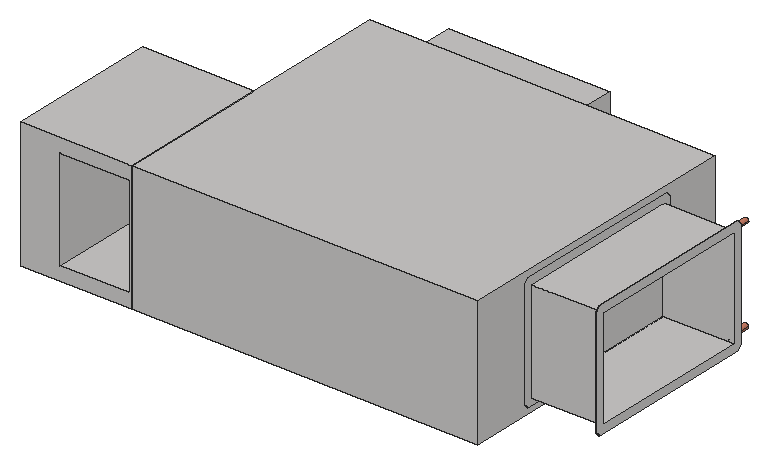
Revit family
Parameters
  Width = 3' - 1"
  Voltage = 277 V
  Unit Weight = if(and(Size Option = 1, Number of Rows = 1), "189.0 lbs", if(and(Size Option = 1, Number of Rows = 2), "192.0 lbs", if(and(Size Option = 2, Number of Rows = 1), "194.0 lbs", if(and(Size Option = 2, Number of Rows = 2), "197.0 lbs", "0"))))  # "194.0 lbs"
  UltraLoc Liner = Choose Liner Option = 3  # no
  URL = "http://www.titus-hvac.com/"
  UL = "181"
  Supply Air Flow [instance] = 0 CFM
  SteriLoc Liner = Choose Liner Option = 2  # no
  Size Option = 2
  Size C = Size Option = 2  # yes
  Size B = Size Option = 1  # no
  Secondary Material = Copper Connectors
  Primary Air Pressure Drop [instance] = 0.00 in-wg
  Primary Air Flow [instance] = 0 CFM
  Pressure [instance] = 0.00 psi
  Plenum Air Pressure Drop [instance] = 0.00 in-wg
  Plenum Air Flow [instance] = 0 CFM
  Outlet Width = 1' - 8 1/2"
  Outlet Height = 1' - 0 1/2"
  Number of Rows = 1
  Number of Poles = 1
  Nominal Width = Width + 0' 6 1/4"  # 3' - 7 1/4"
  Nominal Length = Length + 1' 1 7/8" + 0' 9"  # 5' - 5 7/8"
  Nominal Inlet Size = 0' - 10"
  Nominal Height = 1' - 4"
  NFPA = "90A"
  Motor Full Load Amps [instance] = 1.4 A
  Model = "DTFS-F"
  Min. Air Flow = 0 CFM
  Max. Air Flow = 1400 CFM
  Material = Galvanized Steel
  Manufacturer = "Titus"
  Length = 3' - 7"
  Juction Box Offset = 0' - 4 7/8"
  Inlet Diameter = Nominal Inlet Size - 0' 0 1/8"  # 0' - 9 7/8"
  Induced Air Inlet Width = 1' - 1 7/8"
  Induced Air Inlet Offset = (Height - Induced Air Inlet Connection Height) / 2  # 0' - 1 11/16"
  Induced Air Inlet Height = 1' - 7"
  Induced Air Inlet Connection Width = 0' - 8 3/4"
  Induced Air Inlet Connection Height = 1' - 0 5/8"
  Induced Air Filter = no
  Height = 1' - 4"
  Heating Total Capacity [instance] = 0 Btu/h
  Heating Entering Water Temp = 0 °F
  Half Outlet Connection Width = Outlet Width / 2  # 0' - 10 1/4"
  Half Outlet Connection Height = Outlet Height / 2  # 0' - 6 1/4"
  Half Height Start = -(Height / 2)  # -0' - 8"
  Half Height End = Height / 2  # 0' - 8"
  HWC Option = HWC Section : B-C - 1 Row
  HWC Connector Radius = 5/16"
  HP-Motor = "1/4"
  Gallons Per Minute [instance] = 0 GPM
  Frequency = 60 Hz
  Flange Offset = 0' - 1"
  Filter Size = "11\"x14\""
  Fiber Free Liner = Choose Liner Option = 1  # no
  Fan Disconnect Switch = no
  Duct Radius = Nominal Inlet Size / 2  # 0' - 5"
  Description = "Ultra Quiet Series Fan Powered Terminal Unit, Direct Digital Control, Pressure Independent"
  Connector Vertical Offset = 0' - 11 3/4"
  HWC Connector Length = 0' - 3"
  Connector Horizontal Offset = if(Number of Rows = 1, 0' 0", if(Number of Rows = 2, 0' 1", 0' 0"))  # 0' - 0"
  Connection Void Radius = Connection Radius - 0' 0 1/4"  # 0' - 4 11/16"
  Connection Radius = Inlet Diameter / 2  # 0' - 4 15/16"
  Choose Liner Option = 0
  CADworks URL = "www.CADworks.net"
  Assembly Code = "D3040100"
  Apparent Power [instance] = Voltage * Motor Full Load Amps  # 387.8 VA
  Air Inlet Offset = 0' - 7"
  1/2" Fiberglass Liner = Choose Liner Option = 0  # yes
  1" Fiberglass Liner = Choose Liner Option = 4  # no
Reference planes (in)
  plane 1 "Center (Front/Back)": y = 0
  plane 2: z = 0
  plane 3 "Center (Left/Right)": x = 3
  plane 4: x = -18.5
  plane 5: x = 24.5
  plane 6: x = -13.625
  plane 7: x = -21.875
  plane 8: z = 0
  plane 9: y = -18.5
  plane 10: y = 18.5
  plane 11: y = 11.5
  plane 12: z = 0
  plane 13: x = 33.5
  plane 14: x = 32.5
  plane 15: y = 13.25
  plane 16: y = 10.25
  plane 17: z = 5.875
  plane 18: z = -5.875
  plane 19: x = 32.5
  plane 20: y = 24.75
  plane 21: x = -32.375
  plane 22: z = 8
  plane 23: z = -8
Forms (in)
  Extrusion 1, solid, material "Galvanized Steel" <- "Material"
    sketch origin (0, 0, 0) x (1, 0, 0) y (0, 1, 0)
      loop
        line (-18.5, 18.5) -> (-18.5, -18.5) -> (24.5, -18.5) -> (24.5, 18.5) -> (-18.5, 18.5)
    from -8 <- "Half Height Start" to 8 <- "Half Height End"
  Extrusion 2, solid, material "Galvanized Steel" <- "Material"
    sketch origin (0, 0, 0) x (1, 0, 0) y (0, 1, 0)
      loop
        line (-32.375, 0.5) -> (-32.375, -18.5) -> (-18.5, -18.5) -> (-18.5, 0.5) -> (-32.375, 0.5)
    from -8 <- "Half Height Start" to 8 <- "Half Height End"
  Extrusion 3, void
    sketch origin (0, -18.5, 0) x (1, 0, 0) y (0, 0, -1)
      loop
        line (-18.75, 6.3125) -> (-27.5, 6.3125) -> (-27.5, -6.3125) -> (-18.75, -6.3125) -> (-18.75, 6.3125)
    from 0 to 16
  Extrusion 4, solid, material "Galvanized Steel" <- "Material"
    sketch origin (5, 0, 30) x (1, 0, 0) y (0, 1, 0)
      loop
        line (-18.625, 18.5) -> (1.375, 18.5) -> (1.375, 24.75) -> (-18.625, 24.75) -> (-18.625, 18.5)
    from -36 to -24
  Extrusion 5, solid, material "Galvanized Steel" <- "Material"
    sketch origin (-24.875, -2, 0) x (0, 0, -1) y (0, 1, 0)
      loop
        circle (0, 13.5) r 4.9375
    from 3 to 6.375
  Extrusion 6, void
    sketch origin (-24.875, 0, 0) x (0, 1, 0) y (0, 0, 1)
      loop
        circle (11.5, 0) r 4.6875
    from 3 to 11.25
  Extrusion 7, void, detail levels fine
    sketch origin (33.5, -10.25, 6.25) x (0, 0, 1) y (0, -1, 0)
      loop
        line (-12.5, 0) -> (-12.5, -20.5) -> (0, -20.5) -> (0, 0) -> (-12.5, 0)
    from -0.0625 to 0
  Extrusion 8, solid, material "Copper Connectors" <- "Secondary Material", detail levels fine
    sketch origin (0, 0, 0) x (1, 0, 0) y (0, 0, 1)
      loop
        circle (32.5, 5.875) r 0.3125
    from -13.25 to -10.3125
  Extrusion 9, solid, material "Copper Connectors" <- "Secondary Material", detail levels fine
    sketch origin (0, 0, 0) x (1, 0, 0) y (0, 0, 1)
      loop
        circle (32.5, -5.875) r 0.3125
    from -13.25 to -10.3125
Cuts and joins
  Extrusion 3 cuts Extrusion 2
  Extrusion 6 cuts Extrusion 1
  Extrusion 6 cuts Extrusion 5
Dimensions and locks (in)
  "Length": plane 5 to plane 4
  equal spacing: plane 5, plane 3 "Center (Left/Right)", plane 4
  locked: Extrusion 4 to plane 6 at 0
  locked: Extrusion 4 to Extrusion 4 at 20
  "Juction Box Offset": plane 6 to plane 4
  locked: plane 4 to plane 7 at 3.375
  "Width": plane 9 to plane 10
  equal spacing: plane 9, plane 1 "Center (Front/Back)", plane 10
  locked: Extrusion 5 sketch curve to level at 0
  locked: Extrusion 5 sketch curve to plane 11 at 0
  locked: Extrusion 6 sketch curve to level at 0
  locked: Extrusion 6 sketch curve to plane 11 at 0
  locked: Extrusion 4 to Extrusion 4 at 6.25
  locked: Extrusion 4 to Extrusion 4 at 12
  equal spacing: Extrusion 4, plane 8, Extrusion 4
  "Air Inlet Offset": plane 10 to plane 11
  "Induced Air Inlet Height": cut or joined group of Extrusion 2, Extrusion 3 to cut or joined group of Extrusion 2, Extrusion 3
  locked: cut or joined group of Extrusion 5, Extrusion 6 to cut or joined group of Extrusion 5, Extrusion 6 at 3.375
  "Induced Air Inlet Connection Height": Extrusion 3 sketch curve to Extrusion 3 sketch curve
  "Induced Air Inlet Offset": Extrusion 3 sketch curve to cut or joined group of Extrusion 2, Extrusion 3
  "Induced Air Inlet Connection Width": Extrusion 3 sketch curve to Extrusion 3 sketch curve
  locked: Extrusion 3 sketch curve to cut or joined group of Extrusion 1, Extrusion 6 at 0.25
  locked: plane 5 to plane 13 at 9
  locked: plane 14 to plane 13 at 1
  locked: plane 17 to plane 18 at 11.75
  equal spacing: plane 17, plane 12, plane 18
  "Connector Horizontal Offset": plane 19 to plane 14
  "HWC Connector Length": plane 16 to plane 15
  locked: cut or joined group of Extrusion 2, Extrusion 3 to cut or joined group of Extrusion 2, Extrusion 3 at 16
  equal spacing: cut or joined group of Extrusion 2, Extrusion 3, plane 12, cut or joined group of Extrusion 2, Extrusion 3
  locked: cut or joined group of Extrusion 1, Extrusion 6 to cut or joined group of Extrusion 2, Extrusion 3 at 16
  equal spacing: cut or joined group of Extrusion 1, Extrusion 6, plane 12, cut or joined group of Extrusion 1, Extrusion 6
  locked: cut or joined group of Extrusion 2, Extrusion 3 to cut or joined group of Extrusion 2, Extrusion 3 at 13.875
  locked: nested 1 to cut or joined group of Extrusion 1, Extrusion 6 at 1.6875
  locked: cut or joined group of Extrusion 1, Extrusion 6 to nested 1 at 1.6875
  "Connection Radius": radius of Extrusion 5 sketch curve
  "Connection Void Radius": radius of Extrusion 6 sketch curve
  "HWC Connector Radius": radius of Extrusion 8 sketch curve
  "HWC Connector Radius": radius of Extrusion 9 sketch curve
  aligned and locked: plane 10 to Extrusion 4
  aligned and locked: plane 7 to cut or joined group of Extrusion 5, Extrusion 6
  aligned and locked: plane 9 to cut or joined group of Extrusion 2, Extrusion 3  (x3)
  aligned and locked: nested 1 to Extrusion 8
  aligned and locked: plane 15 to Extrusion 8
  aligned and locked: nested 1 to Extrusion 9
  aligned and locked: plane 15 to Extrusion 9
  aligned and locked: plane 5 to cut or joined group of Extrusion 1, Extrusion 6
  aligned and locked: cut or joined group of Extrusion 1, Extrusion 6 to plane 10
  aligned and locked: plane 9 to cut or joined group of Extrusion 1, Extrusion 6
  aligned and locked: cut or joined group of Extrusion 1, Extrusion 6 to plane 4
  aligned and locked: cut or joined group of Extrusion 1, Extrusion 6 to nested 1
  aligned and locked: cut or joined group of Extrusion 5, Extrusion 6 to cut or joined group of Extrusion 1, Extrusion 6
  aligned and locked: cut or joined group of Extrusion 2, Extrusion 3 to cut or joined group of Extrusion 1, Extrusion 6
  aligned and locked: plane 6 to Extrusion 6
  aligned and locked: Extrusion 6 to plane 7
  aligned and locked: plane 22 to cut or joined group of Extrusion 2, Extrusion 3
  aligned and locked: plane 22 to cut or joined group of Extrusion 1, Extrusion 6
  aligned and locked: plane 23 to cut or joined group of Extrusion 2, Extrusion 3
  aligned and locked: plane 23 to cut or joined group of Extrusion 1, Extrusion 6
  aligned and locked: plane 20 to Extrusion 4
  aligned and locked: plane 21 to cut or joined group of Extrusion 2, Extrusion 3
  aligned and locked: plane 13 to nested 1
Automatic sketch dimensions
  Extrusion 1 sketch curve to plane 4 = 0' - 0"
  Extrusion 1 sketch curve to plane 5 = 0' - 0"
  Extrusion 1 sketch curve to plane 9 = 0' - 0"
  Extrusion 1 sketch curve to plane 10 = 0' - 0"
  Extrusion 2 sketch curve to plane 4 = 0' - 0"
  Extrusion 2 sketch curve to plane 9 = 0' - 0"
  Extrusion 2 sketch curve to plane 1 "Center (Front/Back)" = 0' - 0 1/2"
  Extrusion 4 sketch curve to plane 6 = 0' - 0"
  Extrusion 4 sketch curve to plane 10 = 0' - 0"
  plane 3 "Center (Left/Right)" to Extrusion 4 sketch curve = 0' - 3 3/8"
  Extrusion 4 sketch curve to plane 10 = 0' - 6 1/4"
  Extrusion 2 sketch curve to plane 7 = 0' - 10 1/2"
  Extrusion 7 sketch curve to nested 1 = 0' - 0"  (x4)
  Extrusion 8 sketch curve to plane 17 = 0' - 0"
  Extrusion 8 sketch curve to plane 19 = 0' - 0"
  Extrusion 9 sketch curve to plane 14 = 0' - 0"
  Extrusion 9 sketch curve to plane 18 = 0' - 0"
Nested families (in)
  nested 1: "HWC Section" at (29, 0, 0) x (0, 1, 0) z (0, 0, 1), type <- "HWC Option", type "B-C - 1 Row"
Connectors (in)
  electrical at (-3.625, 24.75, 0), driven by "Apparent Power", driven by "Voltage", driven by "Number of Poles"
    settings: on Extrusion 4, index 8
  hvac at (-21.875, 11.5, 0), driven by "Duct Radius", driven by "Primary Air Pressure Drop", driven by "Primary Air Flow"
    settings: on cut or joined group of Extrusion 5, Extrusion 6, index 9
  hvac at (-23.125, -18.5, 0), driven by "Induced Air Inlet Connection Height", driven by "Induced Air Inlet Connection Width", driven by "Plenum Air Pressure Drop", driven by "Plenum Air Flow"
    settings: on cut or joined group of Extrusion 2, Extrusion 3, index 10
  hvac at (33.5, 0, 0), driven by "Outlet Height", driven by "Outlet Width", driven by "Supply Air Flow"
    settings: on Extrusion 7, index 11
  piping at (32.5, 13.25, 5.875), driven by "Gallons Per Minute", driven by "Pressure", driven by "HWC Connector Radius"
    settings: on Extrusion 8, index 12
  piping at (32.5, 13.25, -5.875), driven by "Gallons Per Minute", driven by "HWC Connector Radius", driven by "Pressure"
    settings: on Extrusion 9, index 13
Definition of nested family "HWC Section"
  Parameters (values of type "B-C - 1 Row")
    Visibility = yes
    Secondary Material = Copper Connectors
    Number of Rows = 1
    Material = Galvanized Steel
    Half Width = HWC Width / 2  # 0' - 10 1/4"
    Half Length-Start = -(HWC Length / 2)  # -0' - 4 1/2"
    Half Length-End = HWC Length / 2  # 0' - 4 1/2"
    HWC Connection Radius = 5/16"
    Flange Offset = 0' - 1"
    Duct Vertical Offset = HWC Height - 0' 0 1/2"  # 1' - 0"
    Duct Horizontal Offset = HWC Width - 0' 0 1/2"  # 1' - 8"
    Connector Vertical Offset = 0' - 11 3/4"
    HWC Width = 1' - 8 1/2"
    HWC Height = 1' - 0 1/2"
    HWC Length = 0' - 9"  # constant formula
    Gallons Per Minute = 0 GPM
    Connector Length = 0' - 3"
    Connector Horizontal Offset = 0' - 0"
  Types (5): name | Number of Rows | Half Width | Flange Offset | Duct Vertical Offset | Duct Horizontal Offset | Connector Vertical Offset | HWC Width | HWC Height | Connector Horizontal Offset
    (no name) | 1 | 0' - 10 1/4" | 0' - 1" | 1' - 0" | 1' - 8" | 0' - 11 3/4" | 1' - 8 1/2" | 1' - 0 1/2" | 0' - 0"
    B-C - 1 Row | 1 | 0' - 10 1/4" | 0' - 1" | 1' - 0" | 1' - 8" | 0' - 11 3/4" | 1' - 8 1/2" | 1' - 0 1/2" | 0' - 0"
    B-C - 2 Row | 2 | 0' - 10 1/4" | 0' - 1" | 1' - 0" | 1' - 8" | 0' - 11 3/4" | 1' - 8 1/2" | 1' - 0 1/2" | 0' - 1"
    D-E - 1 Row | 1 | 1' - 0 1/2" | 0' - 1 1/4" | 1' - 5" | 2' - 0 1/2" | 1' - 4 1/4" | 2' - 1" | 1' - 5 1/2" | 0' - 0"
    D-E - 2 Row | 2 | 1' - 0 1/2" | 0' - 1 1/4" | 1' - 5" | 2' - 0 1/2" | 1' - 4 3/4" | 2' - 1" | 1' - 5 1/2" | 0' - 1"
  Reference planes (in)
    plane 1 "Center (Front/Back)": y = 0
    plane 2: z = 0
    plane 3 "Center (Left/Right)": x = 0
    plane 4: x = -10.25
    plane 5: x = 10.25
    plane 6: y = 4.5
    plane 7: y = -4.5
    plane 8: z = 6.25
    plane 9: z = -6.25
    plane 10: z = 5.875
    plane 11: z = -5.875
    plane 12: y = 3.5
    plane 13: y = 3.5
    plane 14: x = 13.25
  Forms (in)
    Extrusion 1, solid, material "Galvanized Steel" <- "Material", visible <- "Visibility"
      sketch origin (0, 0, 0) x (1, 0, 0) y (0, 0, 1)
        loop
          line (-10.3125, 6.3125) -> (-10.3125, -6.3125) -> (10.3125, -6.3125) -> (10.3125, 6.3125) -> (-10.3125, 6.3125)
      from -4.375 <- "Half Length-Start" to 4.5 <- "Half Length-End"
    Extrusion 2, void, detail levels fine
      sketch origin (0, 0, 0) x (1, 0, 0) y (0, 0, 1)
        loop
          line (-10.25, -6.25) -> (10.25, -6.25) -> (10.25, 6.25) -> (-10.25, 6.25) -> (-10.25, -6.25)
      from -4.5 <- "Half Length-Start" to 4.5 <- "Half Length-End"
    Extrusion 3, solid, material "Copper Connectors" <- "Secondary Material", visible <- "Visibility"
      sketch origin (6, 2.625, 0) x (0, 1, 0) y (0, 0, 1)
        loop
          circle (0.875, -5.875) r 0.3125
      from 4.3125 to 7.25
    Extrusion 4, solid, material "Galvanized Steel" <- "Material", visible <- "Visibility"
      sketch origin (0, -4.375, 0) x (1, 0, 0) y (0, 0, 1)
        loop
          line (-10.25, 6.25) -> (-10.25, -6.25) -> (10.25, -6.25) -> (10.25, 6.25) -> (-10.25, 6.25)
        loop
          line (-11.25, 6.75) -> (-11.25, -6.75) -> (-10.75, -7.25) -> (10.75, -7.25) -> (11.25, -6.75) -> (11.25, 6.75) -> (10.75, 7.25) -> (-10.75, 7.25) -> (-11.25, 6.75)
      from 0 to 0.125
    Extrusion 5, solid, material "Copper Connectors" <- "Secondary Material", visible <- "Visibility"
      sketch origin (6, -0.5, 0) x (0, 1, 0) y (0, 0, 1)
        loop
          circle (4, 5.875) r 0.3125
      from 4.3125 to 7.25
    Extrusion 6, solid, material "Galvanized Steel" <- "Material", visible <- "Visibility"
      sketch origin (0, 4.375, 0) x (1, 0, 0) y (0, 0, -1)
        loop
          line (-10.25, -6.25) -> (10.25, -6.25) -> (10.25, 6.25) -> (-10.25, 6.25) -> (-10.25, -6.25)
        loop
          line (-11.25, -6.75) -> (-10.75, -7.25) -> (10.75, -7.25) -> (11.25, -6.75) -> (11.25, 6.75) -> (10.75, 7.25) -> (-10.75, 7.25) -> (-11.25, 6.75) -> (-11.25, -6.75)
      from 0 to 0.125
  Cuts and joins
    Extrusion 2 cuts Extrusion 1
    joined: Extrusion 1, Extrusion 4, Extrusion 6
  Dimensions and locks (in)
    "HWC Width": plane 4 to plane 5
    equal spacing: plane 4, plane 3 "Center (Left/Right)", plane 5
    "HWC Height": plane 8 to plane 9
    equal spacing: plane 8, plane 2, plane 9
    equal spacing: plane 10, plane 2, plane 11
    locked: plane 12 to plane 6 at 1
    "Connector Horizontal Offset": plane 13 to plane 12
    locked: plane 7 to Extrusion 4 at 0.125
    locked: Extrusion 6 to plane 6 at 0.125
    locked: plane 4 to Extrusion 1 sketch curve at 0.0625
    locked: Extrusion 4 to Extrusion 1 sketch curve at 0.0625
    locked: Extrusion 1 sketch curve to plane 8 at 0.0625
    locked: plane 9 to Extrusion 1 sketch curve at 0.0625
    "Connector Length": plane 5 to plane 14
    "HWC Length": plane 6 to plane 7
    equal spacing: plane 6, plane 1 "Center (Front/Back)", plane 7
    "Connector Vertical Offset": plane 10 to plane 11
    equal spacing: plane 10, level, plane 11
    "HWC Width": Extrusion 4 sketch curve to Extrusion 4 sketch curve
    equal spacing: Extrusion 4 sketch curve, plane 3 "Center (Left/Right)", Extrusion 4 sketch curve
    "HWC Height": Extrusion 4 sketch curve to Extrusion 4 sketch curve
    equal spacing: Extrusion 4 sketch curve, plane 2, Extrusion 4 sketch curve
    "Flange Offset": cut or joined group of Extrusion 1, Extrusion 2, Extrusion 4, Extrusion 6 to plane 8
    "Flange Offset": plane 9 to cut or joined group of Extrusion 1, Extrusion 2, Extrusion 4, Extrusion 6
    locked: cut or joined group of Extrusion 1, Extrusion 2, Extrusion 4, Extrusion 6 to plane 4 at 1  (x2)
    locked: cut or joined group of Extrusion 1, Extrusion 2, Extrusion 4, Extrusion 6 to plane 5 at 1  (x2)
    "HWC Width": Extrusion 6 sketch curve to Extrusion 6 sketch curve
    "HWC Height": Extrusion 6 sketch curve to Extrusion 6 sketch curve
    equal spacing: Extrusion 6 sketch curve, plane 3 "Center (Left/Right)", Extrusion 6 sketch curve
    equal spacing: Extrusion 6 sketch curve, plane 2, Extrusion 6 sketch curve
    "HWC Height": Extrusion 2 sketch curve to Extrusion 2 sketch curve
    "HWC Width": Extrusion 2 sketch curve to Extrusion 2 sketch curve
    equal spacing: Extrusion 2 sketch curve, plane 3 "Center (Left/Right)", Extrusion 2 sketch curve
    equal spacing: Extrusion 2 sketch curve, plane 2, Extrusion 2 sketch curve
    locked: plane 5 to Extrusion 3 at 0.0625
    locked: plane 5 to Extrusion 5 at 0.0625
    "Flange Offset": Extrusion 6 sketch curve to plane 8  (x2)
    "Flange Offset": plane 9 to Extrusion 6 sketch curve  (x2)
    "HWC Connection Radius": radius of Extrusion 3 sketch curve
    "HWC Connection Radius": radius of Extrusion 5 sketch curve
    aligned and locked: plane 7 to Extrusion 4
    aligned and locked: plane 6 to Extrusion 6
    aligned and locked: plane 14 to Extrusion 5
    aligned and locked: plane 14 to Extrusion 3
    aligned and locked: Extrusion 6 to cut or joined group of Extrusion 1, Extrusion 2, Extrusion 4, Extrusion 6
    aligned and locked: Extrusion 4 to Extrusion 4
  Automatic sketch dimensions
    Extrusion 3 sketch curve to plane 11 = 0' - 0"
    Extrusion 3 sketch curve to plane 12 = 0' - 0"
    plane 4 to Extrusion 4 sketch curve = 0' - 1"
    plane 4 to Extrusion 4 sketch curve = 0' - 0 1/2"  (x2)
    Extrusion 4 sketch curve to plane 5 = 0' - 0 1/2"  (x2)
    Extrusion 4 sketch curve to Extrusion 4 sketch curve = 0' - 0 1/2"  (x3)
    Extrusion 4 sketch curve to plane 9 = 0' - 0 1/2"  (x2)
    plane 8 to Extrusion 4 sketch curve = 0' - 0 1/2"  (x2)
    Extrusion 5 sketch curve to plane 10 = 0' - 0"
    Extrusion 5 sketch curve to plane 13 = 0' - 0"
    plane 4 to Extrusion 6 sketch curve = 0' - 1"
    plane 4 to Extrusion 6 sketch curve = 0' - 0 1/2"  (x2)
    Extrusion 6 sketch curve to plane 5 = 0' - 0 1/2"  (x2)
    Extrusion 6 sketch curve to Extrusion 6 sketch curve = 0' - 0 1/2"  (x2)
    plane 8 to Extrusion 6 sketch curve = 0' - 0 1/2"  (x2)
    Extrusion 6 sketch curve to plane 9 = 0' - 0 1/2"
